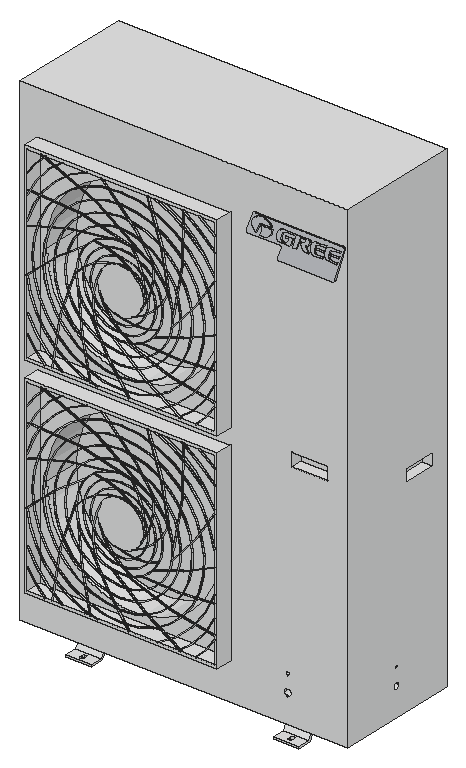
Revit family "GMV-160WLC-T", category 常规模型, Revit 2014
Parameters (values of type "GMV-160WL/C-T")
  height = 1345.00 mm
  power supply = "220V～1Ph~50Hz"
  depth = 340.00 mm
  liquid pipe = 9.52 mm
  gas pipe = 19.05 mm
  width = 900.00 mm
  heating capacity(kW) [instance] = "18"
  cooling capacity(kW) [instance] = "16.0"
Reference planes
  plane 1 "中心(前/后)": y = 0
  plane 2: z = 0
  plane 3 "中心(左/右)": x = 0
  plane 4: x = -450
  plane 5: x = 450
  plane 6: y = 170
  plane 7: y = -170
  plane 8: z = 1345
  plane 9: z = 960
  plane 10: x = -137
  plane 11: z = 387
  plane 12: x = 297
  plane 13: x = 395
  plane 14: z = 695
  plane 15: z = 659
  plane 16: z = 20
  plane 17: z = 1282
  plane 18: z = 691
  plane 19: y = 123
  plane 20: y = -87
  plane 21: z = 657
  plane 22: z = 65
  plane 23: x = 232.756
  plane 24: x = -390
  plane 25: z = 1283
  plane 26: z = 673
  plane 27: z = 666
  plane 28: z = 61
  plane 29: y = 122
  plane 30: y = 29
  plane 31: z = 620
  plane 32: z = 585
  plane 33: x = 287
  plane 34: z = 99
  plane 35: z = 146
  plane 36: y = -3
  plane 37: x = 247
Forms (mm)
  Extrusion 1, solid, material "多联机材质"
    sketch origin (0, 0, 0) x (1, 0, 0) y (0, 1, 0)
      loop
        line (-450, 170) -> (-450, -170) -> (450, -170) -> (450, 170) -> (-450, 170)
    from 20 to 1345
  Extrusion 2, void
    sketch origin (-1116.752, -170, 1200) x (1, 0, 0) y (0, 0, 1)
      loop
        circle (979.752, -240) r 240
      loop
        circle (979.752, -813) r 240
    from 10 to -100
  Extrusion 3, void
    sketch origin (-1116.752, -170, 1200) x (1, 0, 0) y (0, 0, 1)
      loop
        line (1413.752, -505) -> (1413.752, -541) -> (1511.752, -541) -> (1511.752, -505) -> (1413.752, -505)
    from 0 to -30
  Extrusion 4, void
    sketch origin (-450, 1320, 1200) x (0, -1, 0) y (0, 0, 1)
      loop
        line (1197, 82) -> (1197, -509) -> (1407, -509) -> (1407, 82) -> (1197, 82)
    from 0 to -35.08
  Extrusion 5, void
    sketch origin (-1116.752, 170, 1200) x (1, 0, 0) y (0, 0, 1)
      loop
        line (1363.752, 83) -> (726.752, 83) -> (726.752, -527) -> (1363.752, -527) -> (1363.752, 83)
    from 0 to 47
  Extrusion 6, void
    sketch origin (-1116.752, 170, 1200) x (1, 0, 0) y (0, 0, 1)
      loop
        line (1363.752, -534) -> (726.752, -534) -> (726.752, -1139) -> (1363.752, -1139) -> (1363.752, -534)
    from 0 to 47
  Extrusion 7, void
    sketch origin (450, 1212.129, 1200) x (0, -1, 0) y (0, 0, 1)
      loop
        line (1183.129, -580) -> (1090.129, -580) -> (1090.129, -615) -> (1183.129, -615) -> (1183.129, -580)
    from -5 to 30
  Extrusion 8, void
    sketch origin (-1116.752, -170, 1200) x (1, 0, 0) y (0, 0, 1)
      loop
        circle (1403.752, -1054) r 4.76
      loop
        circle (1403.752, -1101) r 9.525
    from 0 to -50
  Extrusion 9, void
    sketch origin (450, 1212.129, 1200) x (0, -1, 0) y (0, 0, 1)
      loop
        circle (1215.129, -1054) r 4.76
      loop
        circle (1215.129, -1101) r 9.525
    from -2 to 50
  Extrusion 10, void
    sketch origin (-450, 1320, 575) x (0, -1, 0) y (0, 0, 1)
      loop
        line (1197, 82) -> (1197, -509) -> (1407, -509) -> (1407, 82) -> (1197, 82)
    from 0 to -35.08
  Extrusion 11, void
    sketch origin (450, 1212.129, 1200) x (0, -1, 0) y (0, 0, 1)
      loop
        line (1337.129, -690) -> (1067.129, -690) -> (1067.129, -950) -> (1337.129, -950) -> (1337.129, -690)
    from 20.059 to 44.2
Cuts and joins
  Extrusion 2, Extrusion 3, Extrusion 4, Extrusion 5, Extrusion 6, Extrusion 7, Extrusion 8, Extrusion 9, Extrusion 10, Extrusion 11 cuts Extrusion 1
Dimensions and locks
  equal spacing: plane 4, plane 3 "中心(左/右)", plane 5
  "width": plane 4 to plane 5
  equal spacing: plane 6, plane 1 "中心(前/后)", plane 7
  "depth": plane 6 to plane 7
  plane 3 "中心(左/右)" to plane 10 = 137.00 mm
  plane 9 to level = 960.00 mm
  plane 11 to level = 387.00 mm
  plane 13 to plane 3 "中心(左/右)" = 395.00 mm
  plane 12 to plane 3 "中心(左/右)" = 297.00 mm
  plane 14 to level = 695.00 mm
  plane 15 to level = 659.00 mm
  plane 16 to level = 20.00 mm
  plane 19 to plane 1 "中心(前/后)" = 123.00 mm
  plane 1 "中心(前/后)" to plane 20 = 87.00 mm
  plane 17 to level = 1282.00 mm
  plane 18 to level = 691.00 mm
  plane 21 to level = 657.00 mm
  plane 22 to level = 65.00 mm
  plane 3 "中心(左/右)" to plane 24 = 390.00 mm
  level to plane 25 = 1283.00 mm
  level to plane 26 = 673.00 mm
  level to plane 27 = 666.00 mm
  level to plane 28 = 61.00 mm
  plane 1 "中心(前/后)" to plane 29 = 122.00 mm
  plane 1 "中心(前/后)" to plane 30 = 29.00 mm
  plane 32 to level = 585.00 mm
  plane 31 to level = 620.00 mm
  plane 33 to plane 3 "中心(左/右)" = 287.00 mm
  plane 35 to level = 146.00 mm
  plane 34 to level = 99.00 mm
  plane 36 to plane 1 "中心(前/后)" = 3.00 mm
  "height": plane 8 to level
  plane 37 to plane 3 "中心(左/右)" = 247.00 mm
  nested 7 to plane 5 = 105.00 mm
  plane 4 to nested 7 = 155.00 mm
  diameter of Extrusion 2 sketch curve = 480.00 mm  (x2)
  "liquid pipe": diameter of Extrusion 8 sketch curve
  "gas pipe": diameter of Extrusion 8 sketch curve
  "liquid pipe": diameter of Extrusion 9 sketch curve
  "gas pipe": diameter of Extrusion 9 sketch curve
  aligned and locked: level to plane 2
  aligned and locked: Extrusion 1 sketch curve to plane 6
  aligned and locked: plane 4 to Extrusion 1 sketch curve
  aligned and locked: plane 7 to Extrusion 1 sketch curve
  aligned and locked: Extrusion 1 sketch curve to plane 5
  aligned and locked: plane 8 to Extrusion 1
  aligned and locked: Extrusion 3 sketch curve to plane 14
  aligned and locked: plane 12 to Extrusion 3 sketch curve
  aligned and locked: plane 15 to Extrusion 3 sketch curve
  aligned and locked: Extrusion 3 sketch curve to plane 13
  aligned and locked: Extrusion 4 sketch curve to plane 17
  aligned and locked: plane 19 to Extrusion 4 sketch curve
  aligned and locked: plane 18 to Extrusion 4 sketch curve
  aligned and locked: Extrusion 4 sketch curve to plane 20
  aligned and locked: plane 25 to Extrusion 5 sketch curve
  aligned and locked: Extrusion 5 sketch curve to plane 26
  aligned and locked: plane 24 to Extrusion 5 sketch curve
  aligned and locked: plane 27 to Extrusion 6 sketch curve
  aligned and locked: Extrusion 6 sketch curve to plane 28
  aligned and locked: plane 24 to Extrusion 6 sketch curve
  aligned and locked: plane 29 to Extrusion 7 sketch curve
  aligned and locked: plane 30 to Extrusion 7
  aligned and locked: Extrusion 7 to plane 32
  aligned and locked: plane 31 to Extrusion 7
  aligned and locked: Extrusion 1 to plane 16
  aligned and locked: plane 37 to Extrusion 6 sketch curve
  aligned and locked: plane 37 to Extrusion 5 sketch curve
  aligned and locked: Extrusion 4 to plane 18
  aligned and locked: plane 20 to Extrusion 4
  aligned and locked: plane 17 to Extrusion 4
  aligned and locked: plane 4 to nested 4
  aligned and locked: cut or joined group 1 (Extrusion 1, Extrusion 2, Extrusion 3, Extrusion 4, Extrusion 5, Extrusion 6, Extrusion 7, Extrusion 8, Extrusion 9, Extrusion 10, Extrusion 11) to plane 4
Automatic sketch dimensions
  Extrusion 7 sketch curve to plane 30 = 0.00 mm
  Extrusion 7 sketch curve to plane 32 = 0.00 mm
  Extrusion 7 sketch curve to plane 31 = 0.00 mm
  Extrusion 10 sketch curve to plane 19 = 0.00 mm
  Extrusion 10 sketch curve to plane 20 = 0.00 mm
  Extrusion 10 sketch curve to plane 21 = 0.00 mm
  plane 22 to Extrusion 10 sketch curve = 1.00 mm
  Extrusion 11 sketch curve to plane 19 = 22.00 mm
  plane 20 to Extrusion 11 sketch curve = 38.00 mm
  plane 35 to Extrusion 11 sketch curve = 104.00 mm
  Extrusion 11 sketch curve to plane 32 = 75.00 mm
  Extrusion 2 sketch curve to plane 10 = 0.00 mm  (x2)
  Extrusion 2 sketch curve to plane 9 = 0.00 mm
  Extrusion 2 sketch curve to plane 11 = 0.00 mm
  Extrusion 8 sketch curve to plane 33 = 0.00 mm  (x2)
  Extrusion 8 sketch curve to plane 34 = 0.00 mm
  Extrusion 8 sketch curve to plane 35 = 0.00 mm
  Extrusion 9 sketch curve to plane 34 = 0.00 mm
  Extrusion 9 sketch curve to plane 36 = 0.00 mm  (x2)
  Extrusion 9 sketch curve to plane 35 = 0.00 mm
Nested families
  nested 1: "风叶罩（120）" at (-137, -125, 960), type "多联机内机风罩(120)", detail levels medium+fine
  nested 2: "风叶罩（120）" at (-137, -125, 387), type "多联机内机风罩(120)", detail levels medium+fine
  nested 3: "左视图进风口网格（120）" at (-450, 18, 66) x (0, 1, 0) z (0, 0, 1), type "家用多联-外机-左视图进风口（120）", detail levels medium+fine
  nested 4: "左视图进风口网格（120）" at (-450, 18, 691) x (0, 1, 0) z (0, 0, 1), type "家用多联-外机-左视图进风口（120）", detail levels medium+fine
  nested 5: "家用多联机-外机-后视图进分口网格（120）" at (-71, 170, 61), type "家用多联机-外机-后视图进风口（120）", detail levels medium+fine
  nested 6: "家用多联机-外机-后视图进分口网格（120）" at (-71, 170, 673), type "家用多联机-外机-后视图进风口（120）", detail levels medium+fine
  nested 7: "定位脚（120）" at (25, 0, 0), type "定位脚（120）"
  nested 8: "GMV  logo" at (308.361, -170, 1202.347), type "GMV 5S LOGO"
    with 材质2 none, 材质1 none, 商标底材质 none
Connectors
  piping at (287, -170, 146), diameter 9.52, driven by "liquid pipe"
    settings: on cut or joined group 1, index 1, connector inside diameter 609.6 mm, connector length 0.00 mm, flow factor 0, pipe flow 0.0 L/s, pressure drop 0.0 Pa, fitting loss kfactor 0, connector angle 0.00°, fixture units 0, engagement length 0.00 mm, angle of deflection 0.00°, flow configuration 1, flow direction 2, fitting loss method 0, system type 29, joint type 0, gender type 0, connector reference index -1, connector utility 0, adjustable connector no, is connector primary yes, connector description ""
  piping at (287, -170, 99), diameter 19.05, driven by "gas pipe"
    settings: on cut or joined group 1, index 2, connector inside diameter 609.6 mm, connector length 0.00 mm, flow factor 0, pipe flow 0.0 L/s, pressure drop 0.0 Pa, fitting loss kfactor 0, connector angle 0.00°, fixture units 0, engagement length 0.00 mm, angle of deflection 0.00°, flow configuration 1, flow direction 2, fitting loss method 0, system type 29, joint type 0, gender type 0, connector reference index -1, connector utility 0, adjustable connector no, is connector primary no, connector description ""
  piping at (450, -3, 146), diameter 9.52, driven by "liquid pipe"
    settings: on cut or joined group 1, index 3, connector inside diameter 609.6 mm, connector length 0.00 mm, flow factor 0, pipe flow 0.0 L/s, pressure drop 0.0 Pa, fitting loss kfactor 0, connector angle 0.00°, fixture units 0, engagement length 0.00 mm, angle of deflection 0.00°, flow configuration 1, flow direction 2, fitting loss method 0, system type 29, joint type 0, gender type 0, connector reference index -1, connector utility 0, adjustable connector no, is connector primary no, connector description ""
  piping at (450, -3, 99), diameter 19.05, driven by "gas pipe"
    settings: on cut or joined group 1, index 4, connector inside diameter 609.6 mm, connector length 0.00 mm, flow factor 0, pipe flow 0.0 L/s, pressure drop 0.0 Pa, fitting loss kfactor 0, connector angle 0.00°, fixture units 0, engagement length 0.00 mm, angle of deflection 0.00°, flow configuration 1, flow direction 2, fitting loss method 0, system type 29, joint type 0, gender type 0, connector reference index -1, connector utility 0, adjustable connector no, is connector primary no, connector description ""
  electrical at (450, 0, 682.5)
    settings: on cut or joined group 1, index 5, voltage 220 V, apparent load 0 VA, apparent load phase1 0 VA, apparent load phase2 0 VA, apparent load phase3 0 VA, power factor 1, load classification "其他", number of poles 1, system type 30, power factor state 1, is connector primary yes, connector utility no, sub classification motor no, connector description ""
Definition of nested family "风叶罩（120）"
  Parameters (values of type "多联机内机风罩(120)")
    风罩厚度 = 37.50 mm
    材质 = none
    外边宽 = 530.00 mm
    内边宽 = 515.00 mm
  Reference planes
    plane 1 "中心(前/后)": y = 0
    plane 2: z = 0
    plane 3 "中心(左/右)": x = 0
    plane 4: x = -265
    plane 5: x = 265
    plane 6: z = 265
    plane 7: z = -265
    plane 8: x = -257.5
    plane 9: x = 257.5
    plane 10: z = 257.5
    plane 11: z = -257.5
    plane 12: y = -37.5
    plane 13: z = 123
    plane 14: z = 83
    plane 15: z = 183
    plane 16: z = 243
    plane 17: z = 103
    plane 18: z = 213
    plane 19: z = 153
    plane 20: z = 63
    plane 21: z = -123
    plane 22: z = -83
    plane 23: z = -183
    plane 24: z = -243
    plane 25: z = -103
    plane 26: z = -213
    plane 27: z = -153
    plane 28: z = -63
    plane 29: x = -122.989
    plane 30: x = -82.989
    plane 31: x = -182.989
    plane 32: x = -242.989
    plane 33: x = -102.989
    plane 34: x = -212.989
    plane 35: x = -152.989
    plane 36: x = -62.989
    plane 37: x = 122.989
    plane 38: x = 82.989
    plane 39: x = 182.989
    plane 40: x = 242.989
    plane 41: x = 102.989
    plane 42: x = 212.989
    plane 43: x = 152.989
    plane 44: x = 62.989
  Forms (mm)
    Extrusion 1, solid, material <- "材质"
      sketch origin (0, -90, 0) x (1, 0, 0) y (0, 0, -1)
        loop
          line (-265, -265) -> (265, -265) -> (265, 265) -> (-265, 265) -> (-265, -265)
        loop
          line (-257.5, -257.5) -> (257.5, -257.5) -> (257.5, 257.5) -> (-257.5, 257.5) -> (-257.5, -257.5)
      from 0 to 45
    Extrusion 2, solid, material <- "材质"
      sketch origin (0, -90, -1.942) x (1, 0, 0) y (0, 0, -1)
        loop
          circle (0, 0) r 63
      from 0 to 2
    Sweep 3, solid, material <- "材质"
      path origin (0, -90, -1.942) x (1, 0, 0) y (0, 0, -1)
        loop
          arc (0, -63) -> (50.983, -47.521) -> (75.08, 0) r 67.872
          arc (75.08, 0) -> (55.117, 57.4) -> (0, 83) r 77.912
          arc (0, 83) -> (-58.69, 58.69) -> (-83, 0) r 83
          arc (-83, 0) -> (-58.69, -58.69) -> (0, -83) r 83
          arc (0, -83) -> (63.257, -59.349) -> (95.481, 0) r 96.419
          arc (95.481, 0) -> (72.211, 74.184) -> (0, 103) r 90.579
          arc (0, 103) -> (-72.824, 72.835) -> (-102.989, 0.011) r 102.989
          arc (-102.989, 0.011) -> (-72.817, -72.829) -> (0.023, -103) r 103.011
          arc (0.023, -103) -> (76.988, -73.456) -> (114.416, 0) r 115.023
          arc (114.416, 0) -> (85.189, 87.529) -> (0, 123) r 111.413
          arc (0, 123) -> (-86.966, 86.977) -> (-122.989, 0.011) r 122.989
          arc (-122.989, 0.011) -> (-86.959, -86.971) -> (0.023, -123) r 123.011
          arc (0.023, -123) -> (93.764, -87.951) -> (141.518, 0) r 142.886
          arc (141.518, 0) -> (107.057, 110.074) -> (0, 153) r 134.533
          arc (0, 153) -> (-108.187, 108.187) -> (-153, 0) r 153
          arc (-153, 0) -> (-108.187, -108.187) -> (0, -153) r 153
          arc (0, -153) -> (112.17, -108.815) -> (164.072, 0) r 164.473
          arc (164.072, 0) -> (120.761, 126.22) -> (0, 183) r 171.19
          arc (0, 183) -> (-129.392, 129.404) -> (-182.989, 0.011) r 182.989
          arc (-182.989, 0.011) -> (-129.392, -129.381) -> (0, -182.977) r 182.989
          arc (0, -182.977) -> (134.148, -130.135) -> (196.219, 0) r 196.698
          arc (196.219, 0) -> (144.033, 148.805) -> (0, 213) r 199.124
          arc (0, 213) -> (-150.614, 150.614) -> (-213, 0) r 213
          arc (-213, 0) -> (-150.614, -150.614) -> (0, -213) r 213
          arc (0, -213) -> (156.159, -151.487) -> (228.415, 0) r 228.972
          arc (228.415, 0) -> (167.324, 171.429) -> (0, 243) r 227.161
          arc (0, 243) -> (-171.827, 171.827) -> (-243, 0) r 243
          arc (-243, 0) -> (-171.827, -171.827) -> (0, -243) r 243
          arc (0, -243) -> (168.462, -181.421) -> (257.5, -25.717) r 261.222
      profile origin (50.983, -90, 45.579) x (-0.642788, 0, -0.766044) y (0, 1, 0)
        loop
          line (-0.737, -0.968) -> (0.763, -0.968) -> (0.763, 1.032) -> (-0.737, 1.032) -> (-0.737, -0.968)
    Sweep 4, solid, material <- "材质"
      path origin (0, -90, -1.942) x (1, 0, 0) y (0, 0, -1)
        loop
          arc (-257.5, 50.691) -> (-194.896, 186.605) -> (-62.989, 257.261) r 235.23
      profile origin (-194.896, -90, -188.547) x (-0.728037, 0, -0.685538) y (0, 1, 0)
        loop
          line (-0.72, -0.99) -> (0.78, -0.99) -> (0.78, 1.058) -> (-0.72, 1.058) -> (-0.72, -0.99)
    Sweep 5, solid, material <- "材质"
      path origin (-3.727, -90, 3.441) x (1, 0, 0) y (0, 0, -1)
        loop
          arc (-253.773, -77.093) -> (-192.668, -184.801) -> (-90.013, -254.059) r 270.881
      profile origin (-196.395, -90, 188.242) x (0.733962, 0, -0.679191) y (0, 1, 0)
        loop
          line (-0.737, -0.99) -> (0.763, -0.99) -> (0.763, 1.039) -> (-0.737, 1.039) -> (-0.737, -0.99)
    Sweep 6, solid, material <- "材质"
      path origin (-1.062, -90, -1.567) x (0.999848, 0, 0.017452) y (0.017452, 0, -0.999848)
        loop
          arc (-0.08, -63.732) -> (-67.384, -46.814) -> (-122.153, -4.193) r 168.413
      profile origin (-69.254, -90, 44.064) x (-0.45399, 0, 0.891007) y (0, 1, 0)
        loop
          line (0.719, -0.978) -> (0.719, 1.022) -> (-0.781, 1.022) -> (-0.781, -0.978) -> (0.719, -0.978)
    Sweep 7, solid, material <- "材质"
      path origin (-0.09, -90, -3.125) x (0.532286, 0, 0.846565) y (0.846565, 0, -0.532286)
        loop
          arc (-0.08, -63.732) -> (-67.384, -46.814) -> (-122.153, -4.193) r 168.413
      profile origin (-75.589, -90, -35.252) x (-0.994226, 0, 0.107306) y (0, 1, 0)
        loop
          line (0.719, -0.978) -> (0.719, 1.022) -> (-0.781, 1.022) -> (-0.781, -0.978) -> (0.719, -0.978)
    Sweep 8, solid, material <- "材质"
      path origin (9.634, -90, -3.323) x (-0.916307, 0, 0.400477) y (0.400477, 0, 0.916307)
        loop
          arc (-0.08, -63.732) -> (-59.391, -50.458) -> (-110.127, -16.996) r 168.413
      profile origin (43.847, -90, -73.343) x (-0.010423, 0, -0.999946) y (0, 1, 0)
        loop
          line (0.719, -0.978) -> (0.719, 1.022) -> (-0.781, 1.022) -> (-0.781, -0.978) -> (0.719, -0.978)
    Sweep 9, solid, material <- "材质"
      path origin (1.923, -90, -3.304) x (-0.279068, 0, 0.960271) y (0.960271, 0, 0.279068)
        loop
          arc (-0.08, -63.732) -> (-67.384, -46.814) -> (-122.153, -4.193) r 168.413
      profile origin (-24.227, -90, -81.076) x (-0.740751, 0, -0.67178) y (0, 1, 0)
        loop
          line (0.719, -0.978) -> (0.719, 1.022) -> (-0.781, 1.022) -> (-0.781, -0.978) -> (0.719, -0.978)
    Sweep 10, solid, material <- "材质"
      path origin (12.148, -90, 4.915) x (-0.956175, 0, -0.292796) y (-0.292796, 0, 0.956175)
        loop
          arc (-0.08, -63.732) -> (-67.384, -46.814) -> (-122.153, -4.193) r 168.413
      profile origin (90.287, -90, -20.117) x (0.682323, 0, -0.731051) y (0, 1, 0)
        loop
          line (0.719, -0.978) -> (0.719, 1.022) -> (-0.781, 1.022) -> (-0.781, -0.978) -> (0.719, -0.978)
    Sweep 11, solid, material <- "材质"
      path origin (-2.304, -90, 14.603) x (-0.118984, 0, -0.992896) y (-0.992896, 0, 0.118984)
        loop
          arc (-0.08, -63.732) -> (-57.492, -51.251) -> (-107.123, -19.807) r 168.413
      profile origin (55.423, -90, 65.589) x (0.963736, 0, 0.266858) y (0, 1, 0)
        loop
          line (0.719, -0.978) -> (0.719, 1.022) -> (-0.781, 1.022) -> (-0.781, -0.978) -> (0.719, -0.978)
    Sweep 12, solid, material <- "材质"
      path origin (-0.575, -90, -1.02) x (0.631963, 0, -0.774999) y (-0.774999, 0, -0.631963)
        loop
          arc (-0.08, -63.732) -> (-67.384, -46.814) -> (-122.153, -4.193) r 168.413
      profile origin (-6.879, -90, 80.788) x (0.41953, 0, 0.907742) y (0, 1, 0)
        loop
          line (0.719, -0.978) -> (0.719, 1.022) -> (-0.781, 1.022) -> (-0.781, -0.978) -> (0.719, -0.978)
    Sweep 13, solid, material <- "材质"
      path origin (-22.493, -90, -49.265) x (0.968833, 0, -0.247716) y (-0.247716, 0, -0.968833)
        loop
          arc (-107.205, -289.223) -> (8.306, -222.87) -> (111.39, -138.495) r 810.596
      profile origin (40.763, -90, 164.601) x (-0.753908, 0, -0.65698) y (0, 1, 0)
        loop
          line (-0.72, -0.99) -> (0.78, -0.99) -> (0.78, 1.039) -> (-0.72, 1.039) -> (-0.72, -0.99)
    Sweep 14, solid, material <- "材质"
      path origin (-43.971, -90, -50.378) x (0.998282, 0, 0.058597) y (0.058597, 0, -0.998282)
        loop
          arc (-156.964, -317.621) -> (-7.88, -245.534) -> (123.788, -145.103) r 824.318
      profile origin (-66.225, -90, 194.273) x (-0.472717, 0, -0.881215) y (0, 1, 0)
        loop
          line (-0.72, -0.99) -> (0.78, -0.99) -> (0.78, 1.039) -> (-0.72, 1.039) -> (-0.72, -0.99)
    Sweep 15, solid, material <- "材质"
      path origin (-40.245, -90, 31.366) x (0.866025, 0, 0.5) y (0.5, 0, -0.866025)
        loop
          arc (-125.548, -217.054) -> (-4.058, -140.823) -> (100.742, -42.904) r 751.667
      profile origin (-114.171, -90, 151.293) x (-0.131933, 0, -0.991259) y (0, 1, 0)
        loop
          line (-0.72, -0.99) -> (0.78, -0.99) -> (0.78, 1.039) -> (-0.72, 1.039) -> (-0.72, -0.99)
    Sweep 16, solid, material <- "材质"
      path origin (-46.713, -90, -9.56) x (0.642788, 0, 0.766044) y (0.766044, 0, -0.642788)
        loop
          arc (-75.58, -211.744) -> (22.797, -146.315) -> (110.054, -66.656) r 772.932
      profile origin (-144.143, -90, 101.953) x (0.207734, 0, -0.978185) y (0, 1, 0)
        loop
          line (-0.72, -0.99) -> (0.78, -0.99) -> (0.78, 1.039) -> (-0.72, 1.039) -> (-0.72, -0.99)
    Sweep 17, solid, material <- "材质"
      path origin (-17.874, -90, -63.43) x (0.257865, 0, 0.966181) y (0.966181, 0, -0.257865)
        loop
          arc (-52.9, -235.058) -> (35.706, -177.897) -> (116.143, -109.718) r 810.596
      profile origin (-180.547, -90, 16.942) x (0.622527, 0, -0.782598) y (0, 1, 0)
        loop
          line (-0.72, -0.99) -> (0.78, -0.99) -> (0.78, 1.039) -> (-0.72, 1.039) -> (-0.72, -0.99)
    Sweep 18, solid, material <- "材质"
      path origin (33.37, -90, -68.921) x (-0.344154, 0, 0.938913) y (0.938913, 0, 0.344154)
        loop
          arc (-100.439, -273.937) -> (20.525, -206.08) -> (128.149, -118.596) r 810.596
      profile origin (-167.185, -90, -120.573) x (0.970006, 0, -0.243081) y (0, 1, 0)
        loop
          line (-0.72, -0.99) -> (0.78, -0.99) -> (0.78, 1.039) -> (-0.72, 1.039) -> (-0.72, -0.99)
    Sweep 19, solid, material <- "材质"
      path origin (46.504, -90, -30.946) x (-0.708702, 0, 0.705507) y (0.705507, 0, 0.708702)
        loop
          arc (-67.591, -251.443) -> (24.581, -192.886) -> (108.047, -122.472) r 810.596
      profile origin (-106.999, -90, -150.302) x (0.988122, 0, 0.153672) y (0, 1, 0)
        loop
          line (-0.72, -0.99) -> (0.78, -0.99) -> (0.78, 1.039) -> (-0.72, 1.039) -> (-0.72, -0.99)
    Sweep 20, solid, material <- "材质"
      path origin (66.388, -90, -31.475) x (-0.938549, 0, 0.345147) y (0.345147, 0, 0.938549)
        loop
          arc (-38.189, -226.78) -> (42.454, -172.942) -> (116.091, -109.86) r 810.596
      profile origin (-33.147, -90, -179.137) x (0.841955, 0, 0.539548) y (0, 1, 0)
        loop
          line (-0.72, -0.99) -> (0.78, -0.99) -> (0.78, 1.039) -> (-0.72, 1.039) -> (-0.72, -0.99)
    Sweep 21, solid, material <- "材质"
      path origin (94.741, -90, 10.892) x (-0.999998, 0, -0.002076) y (-0.002076, 0, 0.999998)
        loop
          arc (-70.201, -268.539) -> (28.949, -207.412) -> (118.315, -132.707) r 810.596
      profile origin (66.223, -90, -196.58) x (0.582903, 0, 0.812542) y (0, 1, 0)
        loop
          line (-0.72, -0.99) -> (0.78, -0.99) -> (0.78, 1.039) -> (-0.72, 1.039) -> (-0.72, -0.99)
    Sweep 22, solid, material <- "材质"
      path origin (94.683, -90, 40.555) x (-0.938417, 0, -0.345505) y (-0.345505, 0, 0.938417)
        loop
          arc (-74.458, -269.01) -> (32.226, -206.102) -> (128.179, -127.796) r 817.284
      profile origin (135.651, -90, -163.989) x (0.253072, 0, 0.967447) y (0, 1, 0)
        loop
          line (-0.72, -0.99) -> (0.78, -0.99) -> (0.78, 1.039) -> (-0.72, 1.039) -> (-0.72, -0.99)
    Sweep 23, solid, material <- "材质"
      path origin (98.74, -90, 4.538) x (-0.759629, 0, -0.650356) y (-0.650356, 0, 0.759629)
        loop
          arc (-47.457, -188.681) -> (33.465, -129.705) -> (106.005, -60.679) r 766.073
      profile origin (157.674, -90, -115.754) x (-0.012866, 0, 0.999917) y (0, 1, 0)
        loop
          line (-0.72, -0.99) -> (0.78, -0.99) -> (0.78, 1.039) -> (-0.72, 1.039) -> (-0.72, -0.99)
    Sweep 24, solid, material <- "材质"
      path origin (80.696, -90, 65.562) x (0.074093, 0, -0.997251) y (-0.997251, 0, -0.074093)
        loop
          arc (-32.951, -179.74) -> (43.878, -120.892) -> (112.51, -52.663) r 751.768
      profile origin (204.507, -90, 30.763) x (-0.799769, 0, 0.600308) y (0, 1, 0)
        loop
          line (-0.72, -0.99) -> (0.78, -0.99) -> (0.78, 1.039) -> (-0.72, 1.039) -> (-0.72, -0.99)
    Sweep 25, solid, material <- "材质"
      path origin (-27.082, -90, 8.037) x (0.769123, 0, -0.639101) y (-0.639101, 0, -0.769123)
        loop
          arc (-81.632, -256.516) -> (20.108, -194.488) -> (111.656, -118.216) r 810.596
      profile origin (112.682, -90, 144.771) x (-0.967307, 0, -0.253607) y (0, 1, 0)
        loop
          line (-0.72, -0.99) -> (0.78, -0.99) -> (0.78, 1.039) -> (-0.72, 1.039) -> (-0.72, -0.99)
    Sweep 26, solid, material <- "材质"
      path origin (-17.232, -90, 14.366) x (0.470682, 0, -0.882303) y (-0.882303, 0, -0.470682)
        loop
          arc (-125.232, -281.807) -> (-4.367, -213.977) -> (103.177, -126.548) r 810.596
      profile origin (169.505, -90, 118.933) x (-0.994288, 0, 0.106733) y (0, 1, 0)
        loop
          line (-0.72, -0.99) -> (0.78, -0.99) -> (0.78, 1.039) -> (-0.72, 1.039) -> (-0.72, -0.99)
    Sweep 27, solid, material <- "材质"
      path origin (49.322, -90, 86.783) x (-0.520438, 0, -0.853899) y (-0.853899, 0, 0.520438)
        loop
          arc (-17.412, -233.184) -> (57.38, -181.976) -> (125.987, -122.737) r 810.596
      profile origin (174.849, -90, -56.921) x (-0.35893, 0, 0.933365) y (0, 1, 0)
        loop
          line (-0.72, -0.99) -> (0.78, -0.99) -> (0.78, 1.039) -> (-0.72, 1.039) -> (-0.72, -0.99)
    Sweep 28, solid, material <- "材质"
      path origin (-14.944, -90, 26.804) x (1, 0, 0) y (0, 0, -1)
        loop
          arc (-243.076, -117.707) -> (-201.995, -180.964) -> (-145.286, -230.696) r 275.273
      profile origin (-216.939, -90, 207.768) x (0.756133, 0, -0.654417) y (0, 1, 0)
        loop
          line (-0.737, -0.99) -> (0.763, -0.99) -> (0.763, 1.039) -> (-0.737, 1.039) -> (-0.737, -0.99)
    Sweep 29, solid, material <- "材质"
      path origin (-31.734, -90, 50.015) x (1, 0, 0) y (0, 0, -1)
        loop
          arc (-225.766, -147.977) -> (-202.398, -179.56) -> (-174.763, -207.485) r 274.662
      profile origin (-234.132, -90, 229.575) x (0.759283, 0, -0.65076) y (0, 1, 0)
        loop
          line (-0.737, -0.99) -> (0.763, -0.99) -> (0.763, 1.039) -> (-0.737, 1.039) -> (-0.737, -0.99)
    Sweep 30, solid, material <- "材质"
      path origin (1.218, -90, -29.28) x (-0.994522, 0, -0.104528) y (-0.104528, 0, 0.994522)
        loop
          arc (-269.916, 124.75) -> (-208.829, 213.787) -> (-120.37, 275.708) r 302.605
      profile origin (186.557, -90, 205.165) x (0.632965, 0, 0.77418) y (0, 1, 0)
        loop
          line (0.737, -0.99) -> (0.737, 1.039) -> (-0.763, 1.039) -> (-0.763, -0.99) -> (0.737, -0.99)
    Sweep 31, solid, material <- "材质"
      path origin (-106.669, -90, -171.639) x (-0.97126, 0, 0.238023) y (0.238023, 0, 0.97126)
        loop
          arc (-270.789, 430.966) -> (-219.498, 459.953) -> (-165.215, 482.851) r 511.585
      profile origin (216, -90, 222.85) x (0.642015, 0, 0.766692) y (0, 1, 0)
        loop
          line (0.737, -0.99) -> (0.737, 1.039) -> (-0.763, 1.039) -> (-0.763, -0.99) -> (0.737, -0.99)
    Sweep 32, solid, material <- "材质"
      path origin (-79.686, -90, -180.91) x (-0.978148, 0, 0.207912) y (0.207912, 0, 0.978148)
        loop
          arc (-248.121, 467.237) -> (-223.758, 479.715) -> (-198.785, 490.922) r 531.222
      profile origin (238.921, -90, 241.8) x (0.610762, 0, 0.791814) y (0, 1, 0)
        loop
          line (0.737, -0.99) -> (0.737, 1.039) -> (-0.763, 1.039) -> (-0.763, -0.99) -> (0.737, -0.99)
    Sweep 33, solid, material <- "材质"
      path origin (7.467, -90, 13.099) x (-0.620728, 0, -0.784026) y (-0.784026, 0, 0.620728)
        loop
          arc (-0.08, -63.732) -> (-59.382, -50.462) -> (-110.113, -17.009) r 168.413
      profile origin (83.89, -90, 28.333) x (0.964273, 0, -0.264912) y (0, 1, 0)
        loop
          line (0.719, -0.978) -> (0.719, 1.022) -> (-0.781, 1.022) -> (-0.781, -0.978) -> (0.719, -0.978)
    Sweep 34, solid, material <- "材质"
      path origin (-14.944, -90, -26.804) x (1, 0, 0) y (0, 0, -1)
        loop
          arc (-243.076, 117.707) -> (-201.995, 180.964) -> (-145.286, 230.696) r 275.273
      profile origin (-216.939, -90, -207.768) x (-0.756133, 0, -0.654417) y (0, 1, 0)
        loop
          line (0.737, -0.99) -> (0.737, 1.039) -> (-0.763, 1.039) -> (-0.763, -0.99) -> (0.737, -0.99)
    Sweep 35, solid, material <- "材质"
      path origin (-31.734, -90, -50.015) x (1, 0, 0) y (0, 0, -1)
        loop
          arc (-225.766, 147.977) -> (-202.398, 179.56) -> (-174.763, 207.485) r 274.662
      profile origin (-234.132, -90, -229.575) x (-0.759283, 0, -0.65076) y (0, 1, 0)
        loop
          line (0.737, -0.99) -> (0.737, 1.039) -> (-0.763, 1.039) -> (-0.763, -0.99) -> (0.737, -0.99)
    Sweep 36, solid, material <- "材质"
      path origin (14.944, -90, -26.804) x (-1, 0, 0) y (0, 0, 1)
        loop
          arc (-243.076, -117.707) -> (-201.995, -180.964) -> (-145.286, -230.696) r 275.273
      profile origin (216.939, -90, -207.768) x (-0.756133, 0, 0.654417) y (0, 1, 0)
        loop
          line (-0.737, -0.99) -> (0.763, -0.99) -> (0.763, 1.039) -> (-0.737, 1.039) -> (-0.737, -0.99)
    Sweep 37, solid, material <- "材质"
      path origin (31.734, -90, -50.015) x (-1, 0, 0) y (0, 0, 1)
        loop
          arc (-225.766, -147.977) -> (-202.398, -179.56) -> (-174.763, -207.485) r 274.662
      profile origin (234.132, -90, -229.575) x (-0.759283, 0, 0.65076) y (0, 1, 0)
        loop
          line (-0.737, -0.99) -> (0.763, -0.99) -> (0.763, 1.039) -> (-0.737, 1.039) -> (-0.737, -0.99)
    Sweep 38, solid, material <- "材质"
      path origin (-20.886, -90, 17.031) x (-0.999986, 0, -0.005218) y (-0.005218, 0, 0.999986)
        loop
          arc (-277.84, -105.322) -> (-216.083, -206.206) -> (-120.37, -275.708) r 302.605
      profile origin (196.27, -90, -188.045) x (-0.737925, 0, 0.674883) y (0, 1, 0)
        loop
          line (-0.737, -0.99) -> (0.763, -0.99) -> (0.763, 1.039) -> (-0.737, 1.039) -> (-0.737, -0.99)
  Dimensions and locks
    equal spacing: plane 5, plane 3 "中心(左/右)", plane 4
    "外边宽": plane 5 to plane 4
    equal spacing: plane 6, level, plane 7
    "外边宽": plane 6 to plane 7
    equal spacing: plane 9, plane 3 "中心(左/右)", plane 8
    "内边宽": plane 9 to plane 8
    equal spacing: plane 10, level, plane 11
    "内边宽": plane 10 to plane 11
    "风罩厚度": plane 1 "中心(前/后)" to plane 12
    aligned and locked: level to plane 2
  Automatic sketch dimensions
    Extrusion 1 sketch curve to plane 4 = 0.00 mm
    Extrusion 1 sketch curve to plane 8 = 0.00 mm
    Extrusion 1 sketch curve to plane 9 = 0.00 mm
    Extrusion 1 sketch curve to plane 5 = 0.00 mm
    Extrusion 1 sketch curve to plane 6 = 0.00 mm
    Extrusion 1 sketch curve to plane 10 = 0.00 mm
    Extrusion 1 sketch curve to plane 11 = 0.00 mm
    Extrusion 1 sketch curve to plane 7 = 0.00 mm
    Extrusion 2 sketch curve to plane 3 "中心(左/右)" = 0.00 mm
    Extrusion 2 sketch curve to level = 1.942 mm
    profile plane to Sweep 3 sketch curve = 0.737 mm
    Sweep 3 sketch curve to profile plane = 0.763 mm
    Sweep 3 sketch curve to profile plane = 0.968 mm
    profile plane to Sweep 3 sketch curve = 1.032 mm
    profile plane to Sweep 4 sketch curve = 0.72 mm
    Sweep 4 sketch curve to profile plane = 0.78 mm
    Sweep 4 sketch curve to profile plane = 0.99 mm
    profile plane to Sweep 4 sketch curve = 1.058 mm
    Sweep 5 sketch curve to plane 8 = 0.00 mm
    Sweep 5 sketch curve to plane 10 = 0.00 mm
    plane 3 "中心(左/右)" to Sweep 5 sketch curve = 2.422 mm
    level to Sweep 5 sketch curve = 4.262 mm
    plane 30 to Sweep 5 sketch curve = 10.751 mm
    profile plane to Sweep 5 sketch curve = 0.737 mm
    Sweep 5 sketch curve to profile plane = 0.763 mm
    Sweep 5 sketch curve to profile plane = 0.99 mm
    profile plane to Sweep 5 sketch curve = 1.039 mm
    plane 25 to Sweep 6 sketch curve = 2.993 mm
    plane 3 "中心(左/右)" to Sweep 6 sketch curve = 7.204 mm
    Sweep 6 sketch curve to Sweep 6 sketch curve = 6.523 mm
    Sweep 6 sketch curve to Sweep 6 sketch curve = 122.073 mm
    Sweep 6 sketch curve to Sweep 6 sketch curve = 108.748 mm
    profile plane to Sweep 6 sketch curve = 0.781 mm
    Sweep 6 sketch curve to profile plane = 0.719 mm
    Sweep 6 sketch curve to profile plane = 0.978 mm
    profile plane to Sweep 6 sketch curve = 1.022 mm
    plane 38 to Sweep 7 sketch curve = 8.863 mm
    Sweep 7 sketch curve to plane 28 = 9.677 mm
    Sweep 7 sketch curve to Sweep 7 sketch curve = 6.523 mm
    Sweep 7 sketch curve to Sweep 7 sketch curve = 122.073 mm
    Sweep 7 sketch curve to Sweep 7 sketch curve = 108.748 mm
    profile plane to Sweep 7 sketch curve = 0.781 mm
    Sweep 7 sketch curve to profile plane = 0.719 mm
    Sweep 7 sketch curve to profile plane = 0.978 mm
    profile plane to Sweep 7 sketch curve = 1.022 mm
    Sweep 8 sketch curve to plane 28 = 0.00 mm
    Sweep 8 sketch curve to plane 17 = 7.939 mm
    Sweep 8 sketch curve to plane 44 = 17.386 mm
    Sweep 8 sketch curve to Sweep 8 sketch curve = 6.523 mm
    Sweep 8 sketch curve to Sweep 8 sketch curve = 110.047 mm
    profile plane to Sweep 8 sketch curve = 0.781 mm
    Sweep 8 sketch curve to profile plane = 0.719 mm
    Sweep 8 sketch curve to profile plane = 0.978 mm
    profile plane to Sweep 8 sketch curve = 1.022 mm
    Sweep 9 sketch curve to plane 41 = 2.463 mm
    Sweep 9 sketch curve to plane 20 = 30.939 mm
    Sweep 9 sketch curve to Sweep 9 sketch curve = 6.523 mm
    Sweep 9 sketch curve to Sweep 9 sketch curve = 122.073 mm
    Sweep 9 sketch curve to Sweep 9 sketch curve = 108.748 mm
    profile plane to Sweep 9 sketch curve = 0.781 mm
    Sweep 9 sketch curve to profile plane = 0.719 mm
    Sweep 9 sketch curve to profile plane = 0.978 mm
    profile plane to Sweep 9 sketch curve = 1.022 mm
    plane 17 to Sweep 10 sketch curve = 0.001 mm
    Sweep 10 sketch curve to plane 3 "中心(左/右)" = 24.625 mm
    Sweep 10 sketch curve to Sweep 10 sketch curve = 6.523 mm
    Sweep 10 sketch curve to Sweep 10 sketch curve = 122.073 mm
    Sweep 10 sketch curve to Sweep 10 sketch curve = 108.748 mm
    profile plane to Sweep 10 sketch curve = 0.781 mm
    Sweep 10 sketch curve to profile plane = 0.719 mm
    Sweep 10 sketch curve to profile plane = 0.978 mm
    profile plane to Sweep 10 sketch curve = 1.022 mm
    plane 33 to Sweep 11 sketch curve = 3.894 mm
    level to Sweep 11 sketch curve = 20.646 mm
    Sweep 11 sketch curve to Sweep 11 sketch curve = 6.523 mm
    Sweep 11 sketch curve to Sweep 11 sketch curve = 107.043 mm
    Sweep 11 sketch curve to Sweep 11 sketch curve = 124.362 mm
    profile plane to Sweep 11 sketch curve = 0.781 mm
    Sweep 11 sketch curve to profile plane = 0.719 mm
    Sweep 11 sketch curve to profile plane = 0.978 mm
    profile plane to Sweep 11 sketch curve = 1.022 mm
    Sweep 12 sketch curve to plane 30 = 5.455 mm
    plane 28 to Sweep 12 sketch curve = 9.088 mm
    Sweep 12 sketch curve to Sweep 12 sketch curve = 6.523 mm
    Sweep 12 sketch curve to Sweep 12 sketch curve = 122.073 mm
    Sweep 12 sketch curve to Sweep 12 sketch curve = 108.748 mm
    profile plane to Sweep 12 sketch curve = 0.781 mm
    Sweep 12 sketch curve to profile plane = 0.719 mm
    Sweep 12 sketch curve to profile plane = 0.978 mm
    profile plane to Sweep 12 sketch curve = 1.022 mm
    profile plane to Sweep 13 sketch curve = 0.72 mm
    Sweep 13 sketch curve to profile plane = 0.78 mm
    Sweep 13 sketch curve to profile plane = 0.99 mm
    profile plane to Sweep 13 sketch curve = 1.039 mm
    profile plane to Sweep 14 sketch curve = 0.72 mm
    Sweep 14 sketch curve to profile plane = 0.78 mm
    Sweep 14 sketch curve to profile plane = 0.99 mm
    profile plane to Sweep 14 sketch curve = 1.039 mm
    profile plane to Sweep 15 sketch curve = 0.72 mm
    Sweep 15 sketch curve to profile plane = 0.78 mm
    Sweep 15 sketch curve to profile plane = 0.99 mm
    profile plane to Sweep 15 sketch curve = 1.039 mm
    profile plane to Sweep 16 sketch curve = 0.72 mm
    Sweep 16 sketch curve to profile plane = 0.78 mm
    Sweep 16 sketch curve to profile plane = 0.99 mm
    profile plane to Sweep 16 sketch curve = 1.039 mm
    profile plane to Sweep 18 sketch curve = 0.72 mm
    Sweep 18 sketch curve to profile plane = 0.78 mm
    Sweep 18 sketch curve to profile plane = 0.99 mm
    profile plane to Sweep 18 sketch curve = 1.039 mm
    profile plane to Sweep 19 sketch curve = 0.72 mm
    Sweep 19 sketch curve to profile plane = 0.78 mm
    Sweep 19 sketch curve to profile plane = 0.99 mm
    profile plane to Sweep 19 sketch curve = 1.039 mm
    profile plane to Sweep 20 sketch curve = 0.72 mm
    Sweep 20 sketch curve to profile plane = 0.78 mm
    Sweep 20 sketch curve to profile plane = 0.99 mm
    profile plane to Sweep 20 sketch curve = 1.039 mm
    profile plane to Sweep 21 sketch curve = 0.72 mm
    Sweep 21 sketch curve to profile plane = 0.78 mm
    Sweep 21 sketch curve to profile plane = 0.99 mm
    profile plane to Sweep 21 sketch curve = 1.039 mm
    profile plane to Sweep 22 sketch curve = 0.72 mm
    Sweep 22 sketch curve to profile plane = 0.78 mm
    Sweep 22 sketch curve to profile plane = 0.99 mm
    profile plane to Sweep 22 sketch curve = 1.039 mm
    profile plane to Sweep 23 sketch curve = 0.72 mm
    Sweep 23 sketch curve to profile plane = 0.78 mm
    Sweep 23 sketch curve to profile plane = 0.99 mm
    profile plane to Sweep 23 sketch curve = 1.039 mm
    profile plane to Sweep 24 sketch curve = 0.72 mm
    Sweep 24 sketch curve to profile plane = 0.78 mm
    Sweep 24 sketch curve to profile plane = 0.99 mm
    profile plane to Sweep 24 sketch curve = 1.039 mm
    Sweep 25 sketch curve to plane 10 = 0.00 mm
    Sweep 25 sketch curve to plane 28 = 2.198 mm
    Sweep 25 sketch curve to plane 4 = 406.414 mm
    Sweep 25 sketch curve to Sweep 25 sketch curve = 369.943 mm
    Sweep 25 sketch curve to Sweep 25 sketch curve = 193.288 mm
    profile plane to Sweep 25 sketch curve = 0.72 mm
    Sweep 25 sketch curve to profile plane = 0.78 mm
    Sweep 25 sketch curve to profile plane = 0.99 mm
    profile plane to Sweep 25 sketch curve = 1.039 mm
    Sweep 26 sketch curve to plane 10 = 0.00 mm
    Sweep 26 sketch curve to plane 18 = 7.549 mm
    Sweep 26 sketch curve to plane 4 = 371.461 mm
    Sweep 26 sketch curve to Sweep 26 sketch curve = 334.822 mm
    Sweep 26 sketch curve to Sweep 26 sketch curve = 228.409 mm
    profile plane to Sweep 26 sketch curve = 0.72 mm
    Sweep 26 sketch curve to profile plane = 0.78 mm
    Sweep 26 sketch curve to profile plane = 0.99 mm
    profile plane to Sweep 26 sketch curve = 1.039 mm
    profile plane to Sweep 27 sketch curve = 0.72 mm
    Sweep 27 sketch curve to profile plane = 0.78 mm
    Sweep 27 sketch curve to profile plane = 0.99 mm
    profile plane to Sweep 27 sketch curve = 1.039 mm
    Sweep 28 sketch curve to plane 10 = 0.00 mm
    Sweep 28 sketch curve to plane 3 "中心(左/右)" = 8.796 mm
    level to Sweep 28 sketch curve = 27.625 mm
    plane 35 to Sweep 28 sketch curve = 7.242 mm
    Sweep 28 sketch curve to plane 8 = 0.52 mm
    profile plane to Sweep 28 sketch curve = 0.737 mm
    Sweep 28 sketch curve to profile plane = 0.763 mm
    Sweep 28 sketch curve to profile plane = 0.99 mm
    profile plane to Sweep 28 sketch curve = 1.039 mm
    Sweep 29 sketch curve to plane 8 = 0.00 mm
    Sweep 29 sketch curve to plane 10 = 0.00 mm
    Sweep 29 sketch curve to plane 20 = 12.165 mm
    Sweep 29 sketch curve to plane 3 "中心(左/右)" = 25.586 mm
    Sweep 29 sketch curve to plane 34 = 6.491 mm
    profile plane to Sweep 29 sketch curve = 0.737 mm
    Sweep 29 sketch curve to profile plane = 0.763 mm
    Sweep 29 sketch curve to profile plane = 0.99 mm
    profile plane to Sweep 29 sketch curve = 1.039 mm
    Sweep 30 sketch curve to plane 13 = 0.00 mm
    Sweep 30 sketch curve to plane 10 = 0.00 mm
    Sweep 30 sketch curve to plane 3 "中心(左/右)" = 4.982 mm
    Sweep 30 sketch curve to level = 29.107 mm
    Sweep 30 sketch curve to Sweep 30 sketch curve = 126.518 mm
    profile plane to Sweep 30 sketch curve = 0.763 mm
    Sweep 30 sketch curve to profile plane = 0.737 mm
    Sweep 30 sketch curve to profile plane = 0.99 mm
    profile plane to Sweep 30 sketch curve = 1.039 mm
    Sweep 33 sketch curve to plane 30 = 4.482 mm
    plane 20 to Sweep 33 sketch curve = 9.948 mm
    Sweep 33 sketch curve to Sweep 33 sketch curve = 6.523 mm
    Sweep 33 sketch curve to Sweep 33 sketch curve = 110.033 mm
    Sweep 33 sketch curve to Sweep 33 sketch curve = 121.563 mm
    profile plane to Sweep 33 sketch curve = 0.781 mm
    Sweep 33 sketch curve to profile plane = 0.719 mm
    Sweep 33 sketch curve to profile plane = 0.978 mm
    profile plane to Sweep 33 sketch curve = 1.022 mm
    Sweep 34 sketch curve to plane 11 = 0.00 mm
    Sweep 34 sketch curve to plane 3 "中心(左/右)" = 8.796 mm
    Sweep 34 sketch curve to level = 27.625 mm
    plane 35 to Sweep 34 sketch curve = 7.242 mm
    Sweep 34 sketch curve to plane 8 = 0.52 mm
    profile plane to Sweep 34 sketch curve = 0.763 mm
    Sweep 34 sketch curve to profile plane = 0.737 mm
    Sweep 34 sketch curve to profile plane = 0.99 mm
    profile plane to Sweep 34 sketch curve = 1.039 mm
    Sweep 35 sketch curve to plane 8 = 0.00 mm
    Sweep 35 sketch curve to plane 11 = 0.00 mm
    Sweep 35 sketch curve to plane 28 = 12.165 mm
    Sweep 35 sketch curve to plane 3 "中心(左/右)" = 25.586 mm
    Sweep 35 sketch curve to plane 34 = 6.491 mm
    profile plane to Sweep 35 sketch curve = 0.763 mm
    Sweep 35 sketch curve to profile plane = 0.737 mm
    Sweep 35 sketch curve to profile plane = 0.99 mm
    profile plane to Sweep 35 sketch curve = 1.039 mm
    Sweep 36 sketch curve to plane 11 = 0.00 mm
    plane 3 "中心(左/右)" to Sweep 36 sketch curve = 8.796 mm
    Sweep 36 sketch curve to level = 27.625 mm
    plane 43 to Sweep 36 sketch curve = 7.242 mm
    plane 9 to Sweep 36 sketch curve = 0.52 mm
    profile plane to Sweep 36 sketch curve = 0.737 mm
    Sweep 36 sketch curve to profile plane = 0.763 mm
    Sweep 36 sketch curve to profile plane = 0.99 mm
    profile plane to Sweep 36 sketch curve = 1.039 mm
    Sweep 37 sketch curve to plane 9 = 0.00 mm
    Sweep 37 sketch curve to plane 11 = 0.00 mm
    Sweep 37 sketch curve to plane 28 = 12.165 mm
    plane 3 "中心(左/右)" to Sweep 37 sketch curve = 25.586 mm
    Sweep 37 sketch curve to plane 42 = 6.491 mm
    profile plane to Sweep 37 sketch curve = 0.737 mm
    Sweep 37 sketch curve to profile plane = 0.763 mm
    Sweep 37 sketch curve to profile plane = 0.99 mm
    profile plane to Sweep 37 sketch curve = 1.039 mm
    profile plane to Sweep 38 sketch curve = 0.737 mm
    Sweep 38 sketch curve to profile plane = 0.763 mm
    Sweep 38 sketch curve to profile plane = 0.99 mm
    profile plane to Sweep 38 sketch curve = 1.039 mm
    Sweep 38 sketch curve to plane 9 = 0.00 mm
    level to Sweep 38 sketch curve = 16.178 mm
    Sweep 38 sketch curve to plane 3 "中心(左/右)" = 27.03 mm
    Sweep 38 sketch curve to Sweep 38 sketch curve = 126.518 mm
    Sweep 38 sketch curve to Sweep 38 sketch curve = 157.471 mm
    Sweep 13 sketch curve to plane 10 = 0.00 mm
    Sweep 13 sketch curve to plane 7 = 102.945 mm
    Sweep 13 sketch curve to plane 4 = 305.352 mm
    Sweep 13 sketch curve to Sweep 13 sketch curve = 344.637 mm
    Sweep 13 sketch curve to Sweep 13 sketch curve = 218.595 mm
    Sweep 14 sketch curve to plane 10 = 0.00 mm
    Sweep 14 sketch curve to plane 4 = 190.893 mm
    Sweep 14 sketch curve to plane 7 = 267.128 mm
    Sweep 14 sketch curve to Sweep 14 sketch curve = 282.48 mm
    Sweep 14 sketch curve to Sweep 14 sketch curve = 280.752 mm
    Sweep 15 sketch curve to plane 8 = 0.00 mm
    plane 34 to Sweep 15 sketch curve = 0.352 mm
    Sweep 15 sketch curve to plane 7 = 328.803 mm
    Sweep 15 sketch curve to Sweep 15 sketch curve = 336.941 mm
    Sweep 15 sketch curve to Sweep 15 sketch curve = 226.29 mm
    Sweep 16 sketch curve to plane 8 = 0.00 mm
    plane 3 "中心(左/右)" to Sweep 16 sketch curve = 16.422 mm
    Sweep 16 sketch curve to plane 7 = 389.118 mm
    Sweep 16 sketch curve to Sweep 16 sketch curve = 377.598 mm
    Sweep 16 sketch curve to Sweep 16 sketch curve = 185.634 mm
    Sweep 18 sketch curve to plane 11 = 0.00 mm
    Sweep 18 sketch curve to plane 7 = 52.614 mm
    plane 5 to Sweep 18 sketch curve = 354.098 mm
    Sweep 18 sketch curve to Sweep 18 sketch curve = 334.643 mm
    Sweep 18 sketch curve to Sweep 18 sketch curve = 228.588 mm
    plane 30 to Sweep 19 sketch curve = 0.00 mm
    Sweep 19 sketch curve to level = 25.737 mm
    plane 5 to Sweep 19 sketch curve = 428.969 mm
    Sweep 19 sketch curve to Sweep 19 sketch curve = 387.594 mm
    Sweep 19 sketch curve to Sweep 19 sketch curve = 175.638 mm
    Sweep 20 sketch curve to plane 11 = 0.00 mm
    plane 10 to Sweep 20 sketch curve = 0.719 mm
    plane 5 to Sweep 20 sketch curve = 384.338 mm
    Sweep 20 sketch curve to Sweep 20 sketch curve = 408.951 mm
    Sweep 20 sketch curve to Sweep 20 sketch curve = 154.28 mm
    Sweep 21 sketch curve to plane 11 = 0.00 mm
    plane 6 to Sweep 21 sketch curve = 197.063 mm
    plane 5 to Sweep 21 sketch curve = 273.722 mm
    Sweep 21 sketch curve to Sweep 21 sketch curve = 374.716 mm
    Sweep 21 sketch curve to Sweep 21 sketch curve = 188.516 mm
    Sweep 22 sketch curve to plane 9 = 0.00 mm
    plane 5 to Sweep 22 sketch curve = 77.483 mm
    plane 6 to Sweep 22 sketch curve = 361.69 mm
    Sweep 22 sketch curve to Sweep 22 sketch curve = 360.594 mm
    Sweep 22 sketch curve to Sweep 22 sketch curve = 202.637 mm
    Sweep 23 sketch curve to plane 9 = 0.00 mm
    Sweep 23 sketch curve to plane 43 = 5.171 mm
    plane 6 to Sweep 23 sketch curve = 385.256 mm
    Sweep 23 sketch curve to Sweep 23 sketch curve = 409.77 mm
    Sweep 23 sketch curve to Sweep 23 sketch curve = 153.462 mm
    Sweep 27 sketch curve to plane 9 = 0.00 mm
    Sweep 27 sketch curve to plane 29 = 6.89 mm
    plane 6 to Sweep 27 sketch curve = 434.661 mm
    Sweep 27 sketch curve to Sweep 27 sketch curve = 419.833 mm
    Sweep 27 sketch curve to Sweep 27 sketch curve = 143.398 mm
    Sweep 24 sketch curve to plane 9 = 0.00 mm
    Sweep 24 sketch curve to plane 4 = 131.734 mm
    plane 6 to Sweep 24 sketch curve = 217.055 mm
    Sweep 24 sketch curve to Sweep 24 sketch curve = 417.771 mm
    Sweep 24 sketch curve to Sweep 24 sketch curve = 145.461 mm
    Sweep 31 sketch curve to plane 29 = 10.543 mm
    plane 27 to Sweep 31 sketch curve = 16.378 mm
    Sweep 31 sketch curve to Sweep 31 sketch curve = 171.363 mm
    Sweep 31 sketch curve to Sweep 31 sketch curve = 105.574 mm
    Sweep 31 sketch curve to Sweep 31 sketch curve = 430.145 mm
    profile plane to Sweep 31 sketch curve = 0.763 mm
    Sweep 31 sketch curve to profile plane = 0.737 mm
    Sweep 31 sketch curve to profile plane = 0.99 mm
    profile plane to Sweep 31 sketch curve = 1.039 mm
    Sweep 32 sketch curve to plane 23 = 4.171 mm
    plane 30 to Sweep 32 sketch curve = 2.541 mm
    Sweep 32 sketch curve to Sweep 32 sketch curve = 204.934 mm
    Sweep 32 sketch curve to Sweep 32 sketch curve = 49.335 mm
    Sweep 32 sketch curve to Sweep 32 sketch curve = 466.416 mm
    profile plane to Sweep 32 sketch curve = 0.763 mm
    Sweep 32 sketch curve to profile plane = 0.737 mm
    Sweep 32 sketch curve to profile plane = 0.99 mm
    profile plane to Sweep 32 sketch curve = 1.039 mm
    plane 5 to Sweep 17 sketch curve = 59.071 mm
    Sweep 17 sketch curve to plane 7 = 352.43 mm
    Sweep 17 sketch curve to Sweep 17 sketch curve = 394.188 mm
    Sweep 17 sketch curve to Sweep 17 sketch curve = 169.043 mm
    Sweep 17 sketch curve to Sweep 17 sketch curve = 582.955 mm
    profile plane to Sweep 17 sketch curve = 0.72 mm
    Sweep 17 sketch curve to profile plane = 0.78 mm
    Sweep 17 sketch curve to profile plane = 0.99 mm
    profile plane to Sweep 17 sketch curve = 1.039 mm
    Sweep 3 sketch curve to Sweep 3 sketch curve = 0.00 mm  (x77)
    plane 31 to Sweep 3 sketch curve = 0.00 mm
    plane 29 to Sweep 3 sketch curve = 0.00 mm  (x2)
    plane 33 to Sweep 3 sketch curve = 0.00 mm  (x2)
    Sweep 3 sketch curve to plane 3 "中心(左/右)" = 0.00 mm  (x3)
    Sweep 3 sketch curve to plane 9 = 0.00 mm
    Sweep 3 sketch curve to plane 3 "中心(左/右)" = 6.70 mm
    Sweep 3 sketch curve to plane 3 "中心(左/右)" = 2.662 mm
    Sweep 3 sketch curve to plane 3 "中心(左/右)" = 2.42 mm
    plane 3 "中心(左/右)" to Sweep 3 sketch curve = 1.807 mm
    Sweep 3 sketch curve to Sweep 3 sketch curve = 3.591 mm
    Sweep 3 sketch curve to Sweep 3 sketch curve = 2.17 mm
    plane 3 "中心(左/右)" to Sweep 3 sketch curve = 7.356 mm
    Sweep 3 sketch curve to Sweep 3 sketch curve = 2.511 mm
    Sweep 3 sketch curve to level = 1.942 mm
    Sweep 3 sketch curve to Sweep 3 sketch curve = 0.011 mm
    Sweep 3 sketch curve to level = 6.414 mm
    Sweep 3 sketch curve to Sweep 3 sketch curve = 5.122 mm
    Sweep 3 sketch curve to Sweep 3 sketch curve = 6.339 mm
    Sweep 3 sketch curve to Sweep 3 sketch curve = 0.173 mm
    Sweep 3 sketch curve to Sweep 3 sketch curve = 0.469 mm
    Sweep 3 sketch curve to Sweep 3 sketch curve = 0.55 mm
    Sweep 3 sketch curve to Sweep 3 sketch curve = 0.96 mm
    Sweep 3 sketch curve to Sweep 3 sketch curve = 1.396 mm
    Sweep 3 sketch curve to Sweep 3 sketch curve = 0.302 mm
    Sweep 3 sketch curve to Sweep 3 sketch curve = 0.169 mm
    Sweep 3 sketch curve to Sweep 3 sketch curve = 2.125 mm
    Sweep 3 sketch curve to Sweep 3 sketch curve = 0.126 mm
    Sweep 3 sketch curve to Sweep 3 sketch curve = 2.25 mm
    Sweep 3 sketch curve to Sweep 3 sketch curve = 6.117 mm
    Sweep 3 sketch curve to Sweep 3 sketch curve = 1.664 mm
    plane 34 to Sweep 3 sketch curve = 0.011 mm
    plane 32 to Sweep 3 sketch curve = 0.011 mm
    plane 35 to Sweep 3 sketch curve = 0.011 mm
    plane 30 to Sweep 3 sketch curve = 0.011 mm
    level to Sweep 3 sketch curve = 23.775 mm
    Sweep 4 sketch curve to plane 8 = 0.00 mm
    plane 36 to Sweep 4 sketch curve = 0.00 mm
    Sweep 4 sketch curve to plane 3 "中心(左/右)" = 23.639 mm
    Sweep 4 sketch curve to level = 27.288 mm
    Sweep 4 sketch curve to plane 28 = 10.367 mm
    radius of Extrusion 2 sketch curve = 63.00 mm
Definition of nested family "左视图进风口网格（120）"
  Parameters (values of type "家用多联-外机-左视图进风口（120）")
    进风口外边高 = 591.00 mm
    进风口内边宽 = 200.00 mm
    进风口外边宽 = 210.00 mm
    进风口内边高 = 586.00 mm
    材质 = none
  Reference planes
    plane 1 "中心(前/后)": y = 0
    plane 2: z = 0
    plane 3 "中心(左/右)": x = 0
    plane 4: z = 591
    plane 5: x = -100
    plane 6: x = 100
    plane 7: z = 578.5
    plane 8: z = 544.5
    plane 9: x = -92.5
    plane 10: x = -10.5
    plane 11: x = -3
    plane 12: x = 3
    plane 13: z = 537
    plane 14: z = 527
    plane 15: z = 468
    plane 16: z = 409
    plane 17: z = 350
    plane 18: z = 291
    plane 19: z = 232
    plane 20: z = 173
    plane 21: z = 114
    plane 22: x = -105
    plane 23: x = 105
    plane 24: z = 586
    plane 25: z = 55
  Forms (mm)
    Extrusion 1, solid, material <- "材质"
      sketch origin (0, 0, 0) x (1, 0, 0) y (0, 0, 1)
        loop
          line (-105, 591) -> (-105, 0) -> (105, 0) -> (105, 591) -> (-105, 591)
      from 0 to 2
    Extrusion 2, void
      sketch origin (0, 0, 0) x (1, 0, 0) y (0, 0, 1)
        loop
          line (-100, 578.5) -> (-100, 544.5)
          arc (-100, 544.5) -> (-97.803, 539.197) -> (-92.5, 537) r 7.5
          line (-92.5, 537) -> (-10.5, 537)
          arc (-10.5, 537) -> (-5.197, 539.197) -> (-3, 544.5) r 7.5
          line (-3, 544.5) -> (-3, 578.5)
          arc (-3, 578.5) -> (-5.197, 583.803) -> (-10.5, 586) r 7.5
          line (-10.5, 586) -> (-92.5, 586)
          arc (-92.5, 586) -> (-97.803, 583.803) -> (-100, 578.5) r 7.5
      from 0 to 2
    Extrusion 3, void
      sketch origin (103, 0, 0) x (1, 0, 0) y (0, 0, 1)
        loop
          line (-100, 578.5) -> (-100, 544.5)
          arc (-100, 544.5) -> (-97.803, 539.197) -> (-92.5, 537) r 7.5
          line (-92.5, 537) -> (-10.5, 537)
          arc (-10.5, 537) -> (-5.197, 539.197) -> (-3, 544.5) r 7.5
          line (-3, 544.5) -> (-3, 578.5)
          arc (-3, 578.5) -> (-5.197, 583.803) -> (-10.5, 586) r 7.5
          line (-10.5, 586) -> (-92.5, 586)
          arc (-92.5, 586) -> (-97.803, 583.803) -> (-100, 578.5) r 7.5
      from 0 to 2
    Extrusion 4, void
      sketch origin (0, 0, -59) x (1, 0, 0) y (0, 0, 1)
        loop
          line (-100, 578.5) -> (-100, 544.5)
          arc (-100, 544.5) -> (-97.803, 539.197) -> (-92.5, 537) r 7.5
          line (-92.5, 537) -> (-10.5, 537)
          arc (-10.5, 537) -> (-5.197, 539.197) -> (-3, 544.5) r 7.5
          line (-3, 544.5) -> (-3, 578.5)
          arc (-3, 578.5) -> (-5.197, 583.803) -> (-10.5, 586) r 7.5
          line (-10.5, 586) -> (-92.5, 586)
          arc (-92.5, 586) -> (-97.803, 583.803) -> (-100, 578.5) r 7.5
      from 0 to 2
    Extrusion 5, void
      sketch origin (103, 0, -59) x (1, 0, 0) y (0, 0, 1)
        loop
          line (-100, 578.5) -> (-100, 544.5)
          arc (-100, 544.5) -> (-97.803, 539.197) -> (-92.5, 537) r 7.5
          line (-92.5, 537) -> (-10.5, 537)
          arc (-10.5, 537) -> (-5.197, 539.197) -> (-3, 544.5) r 7.5
          line (-3, 544.5) -> (-3, 578.5)
          arc (-3, 578.5) -> (-5.197, 583.803) -> (-10.5, 586) r 7.5
          line (-10.5, 586) -> (-92.5, 586)
          arc (-92.5, 586) -> (-97.803, 583.803) -> (-100, 578.5) r 7.5
      from 0 to 2
    Extrusion 6, void
      sketch origin (0, 0, -118) x (1, 0, 0) y (0, 0, 1)
        loop
          line (-100, 578.5) -> (-100, 544.5)
          arc (-100, 544.5) -> (-97.803, 539.197) -> (-92.5, 537) r 7.5
          line (-92.5, 537) -> (-10.5, 537)
          arc (-10.5, 537) -> (-5.197, 539.197) -> (-3, 544.5) r 7.5
          line (-3, 544.5) -> (-3, 578.5)
          arc (-3, 578.5) -> (-5.197, 583.803) -> (-10.5, 586) r 7.5
          line (-10.5, 586) -> (-92.5, 586)
          arc (-92.5, 586) -> (-97.803, 583.803) -> (-100, 578.5) r 7.5
      from 0 to 2
    Extrusion 7, void
      sketch origin (103, 0, -118) x (1, 0, 0) y (0, 0, 1)
        loop
          line (-100, 578.5) -> (-100, 544.5)
          arc (-100, 544.5) -> (-97.803, 539.197) -> (-92.5, 537) r 7.5
          line (-92.5, 537) -> (-10.5, 537)
          arc (-10.5, 537) -> (-5.197, 539.197) -> (-3, 544.5) r 7.5
          line (-3, 544.5) -> (-3, 578.5)
          arc (-3, 578.5) -> (-5.197, 583.803) -> (-10.5, 586) r 7.5
          line (-10.5, 586) -> (-92.5, 586)
          arc (-92.5, 586) -> (-97.803, 583.803) -> (-100, 578.5) r 7.5
      from 0 to 2
    Extrusion 8, void
      sketch origin (0, 0, -177) x (1, 0, 0) y (0, 0, 1)
        loop
          line (-100, 578.5) -> (-100, 544.5)
          arc (-100, 544.5) -> (-97.803, 539.197) -> (-92.5, 537) r 7.5
          line (-92.5, 537) -> (-10.5, 537)
          arc (-10.5, 537) -> (-5.197, 539.197) -> (-3, 544.5) r 7.5
          line (-3, 544.5) -> (-3, 578.5)
